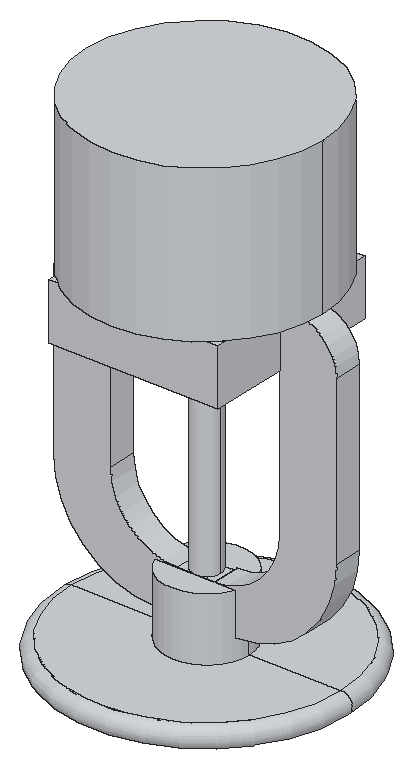
Revit family
Parameters (values of type "RASCO F1FR-EC PENDENT")
  Temperature Rating = 135 °F
  Response = 1
  RASCO SIN # = "R4842"
  RASCO Part # = "F1FREC0LB"
  Pressure Rating = "300 PSI"
  Pressure Class = 1
  Orifice Size = 17/32"
  Orifice = (empty or 0)
  Model = "F1FR"
  Manufacturer = "RASCO"
  K-Factor = 8
  Description = "Bronze Finish"
  Coverage = 1
Reference planes (in)
  plane 1 "Center (Front/Back)": y = 0
  plane 2: z = 0
  plane 3 "Center (Left/Right)": x = 0
Dimensions and locks (in)
  aligned and locked: plane 2 to level
Nested families (in)
  nested 1: "F1FRECOLB" at (-0.01148, -1.2509, 2.4375) x (-1, 0, 0) z (0, 0, -1), type "RASCO F1FR-EC PENDENT"
Connectors (in)
  piping at (-0.01148, -1.2509, 2.4375)
    settings: on nested 1, index 1, connector radius 17/32", flow factor 0, pipe flow 0 GPM, pressure drop 0.00 psi, fitting loss kfactor 0, connector angle 0.00°, fixture units 0, flow configuration 0, flow direction 0, fitting loss method 0, system type 7, connector reference index -1, connector utility 0, adjustable connector no, is connector primary yes, fitting loss table "", connector description ""
Definition of nested family "F1FRECOLB"
  Parameters (values of type "RASCO F1FR-300 PENDENT")
    Type Comments = ""
    Temperature Rating = 0 °F
    Response = (empty or 0)
    Pressure Rating = "0"
    Pressure Class = (empty or 0)
    Orifice Size = 0"
    Orifice = (empty or 0)
    Model = ""
    Manufacturer = ""
    K-Factor = 0
    Description = ""
    Coverage = (empty or 0)
    Assembly Code = ""
  Reference planes (in)
    plane 1 "Center (Front/Back)": y = 0
    plane 2: z = 0
    plane 3 "ref.2": z = 0.6875
    plane 4 "ref.3": z = 0.9375
    plane 5: x = -0.38065
    plane 6: x = 0.36935
    plane 7 "ref. side 1": y = 0.06402
    plane 8 "ref. side 2": y = -0.06098
    plane 9 "ref.4": z = 1.875
    plane 10 "ref.5": z = 2.3125
    plane 11 "ref.6": z = 2.4375
  Forms (in)
    Extrusion 1, solid
      sketch origin (0, 0, 0) x (1, 0, 0) y (0, 1, 0)
        loop
          circle (0, 0) r 0.5221
      from 0 to 0.6875
    Extrusion 2, solid
      sketch origin (-0.12185, 0.05177, 0.6875) x (1, 0, 0) y (0, 1, 0)
        loop
          line (-0.2588, 0.356) -> (-0.2588, -0.4565) -> (0.4912, -0.4565) -> (0.4912, 0.356) -> (-0.2588, 0.356)
      from 0 to 0.25
    Extrusion 3, solid
      sketch origin (0, 0, 0) x (1, 0, 0) y (0, 0, 1)
        loop
          line (-0.38065, 0.69674) -> (-0.38065, 1.58397)
          arc (-0.38065, 1.58397) -> (-0.29541, 1.78976) -> (-0.08962, 1.875) r 0.29103
          line (-0.08962, 1.875) -> (0.07524, 1.875)
          arc (0.07524, 1.875) -> (0.28321, 1.78886) -> (0.36935, 1.58089) r 0.29411
          line (0.36935, 1.58089) -> (0.36935, 0.69728)
          arc (0.36935, 0.69728) -> (0.54046, 0.72329) -> (0.61935, 0.87734) r 0.18984
          line (0.61935, 0.87734) -> (0.61935, 1.61676)
          arc (0.61935, 1.61676) -> (0.48879, 1.93194) -> (0.17361, 2.0625) r 0.44574
          line (0.17361, 2.0625) -> (-0.18509, 2.0625)
          arc (-0.18509, 2.0625) -> (-0.50015, 1.932) -> (-0.63065, 1.61694) r 0.44556
          line (-0.63065, 1.61694) -> (-0.63065, 0.87876)
          arc (-0.63065, 0.87876) -> (-0.55196, 0.72414) -> (-0.38065, 0.69674) r 0.19126
      from -0.06402 to 0.06098
    Extrusion 4, solid
      sketch origin (0, 0, 0.9375) x (-1, 0, 0) y (0, -1, 0)
        loop
          circle (0.00574, -0.00152) r 0.0625
      from 0 to 0.9375
    Extrusion 5, solid
      sketch origin (0, 0, 1.875) x (-1, 0, 0) y (0, -1, 0)
        loop
          circle (0.00574, -0.00152) r 0.1875
      from 0 to 0.4375
    Revolve 6, solid
      sketch origin (0, 0, -0.2777) x (1, 0, 0) y (0, 0, 1)
        loop
          line (-0.19324, 2.43178) -> (-0.19324, 2.52696) -> (-0.60258, 2.52696)
          arc (-0.60258, 2.52696) -> (-0.65017, 2.47937) -> (-0.60258, 2.43178) r 0.04759
          line (-0.60258, 2.43178) -> (-0.19324, 2.43178)
        axis (-0.00574, 2.43178) -> (-0.00574, 2.52696)
      angle from 0 to 360
  Cuts and joins
    joined: Extrusion 1, Extrusion 2, Extrusion 4, Revolve 6
  Lines and regions (in)
    model lines
      curve 1: line (-0.00574, 0.06402, 1.875) -> (-0.00574, -0.06098, 1.875)
  Dimensions and locks (in)
    Extrusion 3 to Extrusion 3 = 0' - 1 1/4"
    Extrusion 5 to cut or joined group of Extrusion 1, Extrusion 2, Extrusion 4, Revolve 6 = 0' - 2 5/16"
